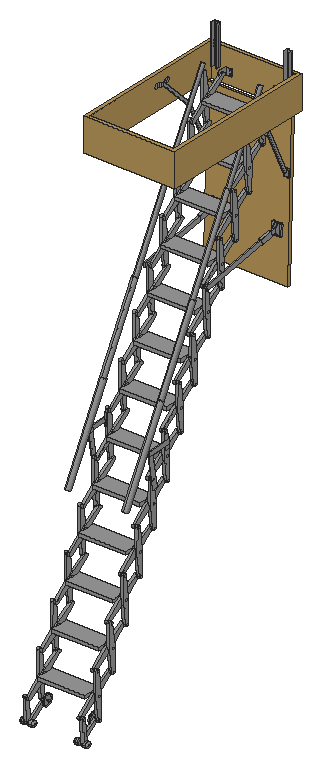
Revit family "schaartrap_Large-H 700x1200 mm", category Generic Models, Revit 2019
Family settings
  Can host rebar = No
  Round Connector Dimension = Use Diameter
  Part Type = Normal
  Work Plane-Based = Yes
  Always vertical = Yes
  Cut with Voids When Loaded = No
  Shared = Yes
  Room Calculation Point = No
Parameters
  schaartrap = gietaluminium
  deksel = hout
  bovenliggende treden = yes
  URL = "https://www.gortergroup.com/nl/producten/ladders-en-trappen/schaartrappen/large.html"
  Model = "Large-H 700x1200mm"  # constant formula
  Default Elevation = 1219.2 mm
Reference planes
  plane 1 "Center (Front/Back)": y = 0
  plane 2: z = 0
  plane 3 "Center (Left/Right)": x = 0
  plane 4: x = 183
  plane 5: x = -183
  plane 6: x = 203
  plane 7: x = 223
  plane 8: x = -203
  plane 9: x = -223
  plane 10: x = -176.5
  plane 11: x = 176.5
  plane 12: x = 342.5
  plane 13: x = -342.5
  plane 14: x = 176.5
  plane 15: x = 317.5
  plane 16: x = -317.5
  plane 17: x = 187
  plane 18 "traplijn": through (0, 1385.188, 3125.362) normal (0, -0.9072, 0.4206)
  plane 19 "bk. omtimmering": z = 3750
  plane 20: z = 3500
  plane 21: y = 1907.102
  plane 22: y = 717.102
Forms (mm)
  Extrusion 1, solid, material "gietaluminium" <- "schaartrap", not visible
    sketch origin (0, 729.606, 0) x (0, 1, 0) y (0, 0, 1)
      loop
        arc (537.788, 610.319) -> (523.153, 608.12) -> (523.948, 593.342) r 11.002
        line (523.948, 593.342) -> (663.021, 490.736)
        arc (663.021, 490.736) -> (683.041, 494.79) -> (680.583, 515.067) r 15.051
        line (680.583, 515.067) -> (537.788, 610.319)
      loop
        arc (541.3, 744.694) -> (608.05, 701.704) -> (677.245, 662.774) r 1330.136
        arc (677.245, 662.774) -> (691.355, 666.199) -> (689.776, 680.632) r 11
        arc (689.776, 680.632) -> (616.991, 742.583) -> (539.945, 799.147) r 1330.136
        arc (539.945, 799.147) -> (475.666, 840.227) -> (409.138, 877.555) r 1330.136
        arc (409.138, 877.555) -> (395.029, 874.129) -> (396.607, 859.696) r 11
        arc (396.607, 859.696) -> (466.954, 799.679) -> (541.3, 744.694) r 1330.136
      loop
        arc (412.689, 1012.014) -> (479.438, 969.024) -> (548.634, 930.093) r 1330.136
        arc (548.634, 930.093) -> (562.743, 933.518) -> (561.165, 947.952) r 11
        arc (561.165, 947.952) -> (488.38, 1009.902) -> (411.334, 1066.466) r 1330.136
        arc (411.334, 1066.466) -> (347.055, 1107.546) -> (280.527, 1144.874) r 1330.136
        arc (280.527, 1144.874) -> (266.418, 1141.449) -> (267.996, 1127.015) r 11
        arc (267.996, 1127.015) -> (338.343, 1066.998) -> (412.689, 1012.014) r 1330.136
      loop
        arc (284.078, 1279.333) -> (350.827, 1236.343) -> (420.023, 1197.412) r 1330.136
        arc (420.023, 1197.412) -> (434.132, 1200.838) -> (432.554, 1215.271) r 11
        arc (432.554, 1215.271) -> (359.769, 1277.222) -> (282.723, 1333.786) r 1330.136
        arc (282.723, 1333.786) -> (218.444, 1374.866) -> (151.916, 1412.193) r 1330.136
        arc (151.916, 1412.193) -> (137.807, 1408.768) -> (139.385, 1394.335) r 11
        arc (139.385, 1394.335) -> (209.732, 1334.317) -> (284.078, 1279.333) r 1330.136
      loop
        arc (155.467, 1546.652) -> (222.216, 1503.662) -> (291.412, 1464.732) r 1330.136
        arc (291.412, 1464.732) -> (305.521, 1468.157) -> (303.943, 1482.59) r 11
        arc (303.943, 1482.59) -> (231.158, 1544.541) -> (154.112, 1601.105) r 1330.136
        arc (154.112, 1601.105) -> (89.833, 1642.185) -> (23.305, 1679.512) r 1330.136
        arc (23.305, 1679.512) -> (9.196, 1676.087) -> (10.774, 1661.654) r 11
        arc (10.774, 1661.654) -> (81.12, 1601.637) -> (155.467, 1546.652) r 1330.136
      loop
        arc (26.856, 1813.971) -> (93.605, 1770.982) -> (162.801, 1732.051) r 1330.136
        arc (162.801, 1732.051) -> (176.91, 1735.476) -> (175.332, 1749.91) r 11
        arc (175.332, 1749.91) -> (102.547, 1811.86) -> (25.5, 1868.424) r 1330.136
        arc (25.5, 1868.424) -> (-38.778, 1909.504) -> (-105.306, 1946.832) r 1330.136
        arc (-105.306, 1946.832) -> (-119.416, 1943.407) -> (-117.837, 1928.973) r 11
        arc (-117.837, 1928.973) -> (-47.491, 1868.956) -> (26.856, 1813.971) r 1330.136
      loop
        arc (-101.755, 2081.291) -> (-35.006, 2038.301) -> (34.19, 1999.37) r 1330.136
        arc (34.19, 1999.37) -> (48.299, 2002.796) -> (46.721, 2017.229) r 11
        arc (46.721, 2017.229) -> (-26.064, 2079.18) -> (-103.111, 2135.744) r 1330.136
        arc (-103.111, 2135.744) -> (-167.389, 2176.824) -> (-233.917, 2214.151) r 1330.136
        arc (-233.917, 2214.151) -> (-248.027, 2210.726) -> (-246.448, 2196.292) r 11
        arc (-246.448, 2196.292) -> (-176.102, 2136.275) -> (-101.755, 2081.291) r 1330.136
      loop
        arc (-230.366, 2348.61) -> (-163.617, 2305.62) -> (-94.421, 2266.69) r 1330.136
        arc (-94.421, 2266.69) -> (-80.312, 2270.115) -> (-81.89, 2284.548) r 11
        arc (-81.89, 2284.548) -> (-154.676, 2346.499) -> (-231.722, 2403.063) r 1330.136
        arc (-231.722, 2403.063) -> (-296, 2444.143) -> (-362.528, 2481.47) r 1330.136
        arc (-362.528, 2481.47) -> (-376.638, 2478.045) -> (-375.059, 2463.612) r 11
        arc (-375.059, 2463.612) -> (-304.713, 2403.595) -> (-230.366, 2348.61) r 1330.136
      loop
        arc (-358.977, 2615.929) -> (-292.228, 2572.94) -> (-223.033, 2534.009) r 1330.136
        arc (-223.033, 2534.009) -> (-208.923, 2537.434) -> (-210.501, 2551.868) r 11
        arc (-210.501, 2551.868) -> (-283.287, 2613.818) -> (-360.333, 2670.382) r 1330.136
        arc (-360.333, 2670.382) -> (-424.611, 2711.462) -> (-491.139, 2748.79) r 1330.136
        arc (-491.139, 2748.79) -> (-505.249, 2745.364) -> (-503.67, 2730.931) r 11
        arc (-503.67, 2730.931) -> (-433.324, 2670.914) -> (-358.977, 2615.929) r 1330.136
      loop
        arc (-487.588, 2883.249) -> (-420.839, 2840.259) -> (-351.644, 2801.328) r 1330.136
        arc (-351.644, 2801.328) -> (-337.534, 2804.753) -> (-339.112, 2819.187) r 11
        arc (-339.112, 2819.187) -> (-411.898, 2881.138) -> (-488.944, 2937.702) r 1330.136
        arc (-488.944, 2937.702) -> (-553.222, 2978.782) -> (-619.75, 3016.109) r 1330.136
        arc (-619.75, 3016.109) -> (-633.86, 3012.684) -> (-632.281, 2998.25) r 11
        arc (-632.281, 2998.25) -> (-561.935, 2938.233) -> (-487.588, 2883.249) r 1330.136
      loop
        arc (-616.199, 3150.568) -> (-549.45, 3107.578) -> (-480.255, 3068.648) r 1330.136
        arc (-480.255, 3068.648) -> (-466.145, 3072.073) -> (-467.723, 3086.506) r 11
        arc (-467.723, 3086.506) -> (-540.509, 3148.457) -> (-617.555, 3205.021) r 1330.136
        arc (-617.555, 3205.021) -> (-681.833, 3246.101) -> (-748.361, 3283.428) r 1330.136
        arc (-748.361, 3283.428) -> (-762.471, 3280.003) -> (-760.893, 3265.57) r 11
        arc (-760.893, 3265.57) -> (-690.546, 3205.553) -> (-616.199, 3150.568) r 1330.136
      loop
        arc (-744.811, 3417.887) -> (-678.061, 3374.898) -> (-608.866, 3335.967) r 1330.136
        arc (-608.866, 3335.967) -> (-594.756, 3339.392) -> (-596.334, 3353.825) r 11
        arc (-596.334, 3353.825) -> (-669.12, 3415.776) -> (-746.166, 3472.34) r 1330.136
        arc (-746.166, 3472.34) -> (-810.444, 3513.42) -> (-876.972, 3550.748) r 1330.136
        arc (-876.972, 3550.748) -> (-891.082, 3547.322) -> (-889.504, 3532.889) r 11
        arc (-889.504, 3532.889) -> (-819.157, 3472.872) -> (-744.811, 3417.887) r 1330.136
      loop
        arc (-873.422, 3685.207) -> (-806.672, 3642.217) -> (-737.477, 3603.286) r 1330.136
        arc (-737.477, 3603.286) -> (-723.367, 3606.711) -> (-724.945, 3621.145) r 11
        arc (-724.945, 3621.145) -> (-797.731, 3683.096) -> (-874.777, 3739.66) r 1330.136
        arc (-874.777, 3739.66) -> (-939.056, 3780.739) -> (-1005.583, 3818.067) r 1330.136
        arc (-1005.583, 3818.067) -> (-1019.693, 3814.642) -> (-1018.115, 3800.208) r 11
        arc (-1018.115, 3800.208) -> (-947.768, 3740.191) -> (-873.422, 3685.207) r 1330.136
      loop
        arc (-1002.033, 3952.526) -> (-935.283, 3909.536) -> (-866.088, 3870.605) r 1330.136
        arc (-866.088, 3870.605) -> (-851.978, 3874.031) -> (-853.557, 3888.464) r 11
        arc (-853.557, 3888.464) -> (-926.342, 3950.415) -> (-1003.388, 4006.979) r 1330.136
        arc (-1003.388, 4006.979) -> (-1067.667, 4048.059) -> (-1134.194, 4085.386) r 1330.136
        arc (-1134.194, 4085.386) -> (-1148.304, 4081.961) -> (-1146.726, 4067.528) r 11
        arc (-1146.726, 4067.528) -> (-1076.379, 4007.511) -> (-1002.033, 3952.526) r 1330.136
    from 366 to 386
  Extrusion 2, solid, material "gietaluminium" <- "schaartrap", not visible
    sketch origin (0, 729.606, 0) x (0, 1, 0) y (0, 0, 1)
      loop
        line (686.793, 502.301) -> (693.329, 671.835)
        arc (693.329, 671.835) -> (683.291, 683.477) -> (671.416, 673.716) r 11
        line (671.416, 673.716) -> (657.161, 507.665)
        arc (657.161, 507.665) -> (668.84, 487.975) -> (686.694, 502.305) r 15.158
      loop
        arc (564.714, 940.575) -> (554.422, 950.815) -> (542.94, 941.928) r 11
        arc (542.94, 941.928) -> (521.234, 771.529) -> (521.669, 599.754) r 1330.136
        arc (521.669, 599.754) -> (531.962, 589.513) -> (543.443, 598.4) r 11
        arc (543.443, 598.4) -> (565.149, 768.799) -> (564.714, 940.575) r 1330.136
      loop
        arc (436.103, 1207.844) -> (425.811, 1218.085) -> (414.329, 1209.198) r 11
        arc (414.329, 1209.198) -> (392.623, 1038.798) -> (393.058, 867.023) r 1330.136
        arc (393.058, 867.023) -> (403.351, 856.782) -> (414.832, 865.669) r 11
        arc (414.832, 865.669) -> (436.538, 1036.069) -> (436.103, 1207.844) r 1330.136
      loop
        arc (307.492, 1475.113) -> (297.199, 1485.354) -> (285.718, 1476.467) r 11
        arc (285.718, 1476.467) -> (264.012, 1306.068) -> (264.447, 1134.292) r 1330.136
        arc (264.447, 1134.292) -> (274.74, 1124.051) -> (286.221, 1132.939) r 11
        arc (286.221, 1132.939) -> (307.927, 1303.338) -> (307.492, 1475.113) r 1330.136
      loop
        arc (178.881, 1742.383) -> (168.588, 1752.623) -> (157.107, 1743.736) r 11
        arc (157.107, 1743.736) -> (135.401, 1573.337) -> (135.836, 1401.562) r 1330.136
        arc (135.836, 1401.562) -> (146.128, 1391.321) -> (157.61, 1400.208) r 11
        arc (157.61, 1400.208) -> (179.316, 1570.607) -> (178.881, 1742.383) r 1330.136
      loop
        arc (50.27, 2009.652) -> (39.977, 2019.893) -> (28.496, 2011.006) r 11
        arc (28.496, 2011.006) -> (6.79, 1840.606) -> (7.225, 1668.831) r 1330.136
        arc (7.225, 1668.831) -> (17.517, 1658.59) -> (28.999, 1667.477) r 11
        arc (28.999, 1667.477) -> (50.705, 1837.876) -> (50.27, 2009.652) r 1330.136
      loop
        arc (-78.341, 2276.921) -> (-88.634, 2287.162) -> (-100.116, 2278.275) r 11
        arc (-100.116, 2278.275) -> (-121.821, 2107.876) -> (-121.386, 1936.1) r 1330.136
        arc (-121.386, 1936.1) -> (-111.094, 1925.859) -> (-99.612, 1934.747) r 11
        arc (-99.612, 1934.747) -> (-77.906, 2105.146) -> (-78.341, 2276.921) r 1330.136
      loop
        arc (-206.952, 2544.191) -> (-217.245, 2554.431) -> (-228.727, 2545.544) r 11
        arc (-228.727, 2545.544) -> (-250.432, 2375.145) -> (-249.997, 2203.369) r 1330.136
        arc (-249.997, 2203.369) -> (-239.705, 2193.129) -> (-228.223, 2202.016) r 11
        arc (-228.223, 2202.016) -> (-206.517, 2372.415) -> (-206.952, 2544.191) r 1330.136
      loop
        arc (-335.563, 2811.46) -> (-345.856, 2821.701) -> (-357.338, 2812.813) r 11
        arc (-357.338, 2812.813) -> (-379.043, 2642.414) -> (-378.609, 2470.639) r 1330.136
        arc (-378.609, 2470.639) -> (-368.316, 2460.398) -> (-356.834, 2469.285) r 11
        arc (-356.834, 2469.285) -> (-335.128, 2639.684) -> (-335.563, 2811.46) r 1330.136
      loop
        arc (-464.174, 3078.729) -> (-474.467, 3088.97) -> (-485.949, 3080.083) r 11
        arc (-485.949, 3080.083) -> (-507.655, 2909.684) -> (-507.22, 2737.908) r 1330.136
        arc (-507.22, 2737.908) -> (-496.927, 2727.667) -> (-485.445, 2736.554) r 11
        arc (-485.445, 2736.554) -> (-463.739, 2906.954) -> (-464.174, 3078.729) r 1330.136
      loop
        arc (-592.785, 3345.998) -> (-603.078, 3356.239) -> (-614.56, 3347.352) r 11
        arc (-614.56, 3347.352) -> (-636.266, 3176.953) -> (-635.831, 3005.177) r 1330.136
        arc (-635.831, 3005.177) -> (-625.538, 2994.937) -> (-614.056, 3003.824) r 11
        arc (-614.056, 3003.824) -> (-592.35, 3174.223) -> (-592.785, 3345.998) r 1330.136
      loop
        arc (-721.396, 3613.268) -> (-731.689, 3623.509) -> (-743.171, 3614.621) r 11
        arc (-743.171, 3614.621) -> (-764.877, 3444.222) -> (-764.442, 3272.447) r 1330.136
        arc (-764.442, 3272.447) -> (-754.149, 3262.206) -> (-742.667, 3271.093) r 11
        arc (-742.667, 3271.093) -> (-720.961, 3441.492) -> (-721.396, 3613.268) r 1330.136
      loop
        arc (-850.007, 3880.537) -> (-860.3, 3890.778) -> (-871.782, 3881.891) r 11
        arc (-871.782, 3881.891) -> (-893.488, 3711.492) -> (-893.053, 3539.716) r 1330.136
        arc (-893.053, 3539.716) -> (-882.76, 3529.475) -> (-871.278, 3538.362) r 11
        arc (-871.278, 3538.362) -> (-849.572, 3708.762) -> (-850.007, 3880.537) r 1330.136
      loop
        arc (-978.618, 4147.806) -> (-988.911, 4158.047) -> (-1000.393, 4149.16) r 11
        arc (-1000.393, 4149.16) -> (-1022.099, 3978.761) -> (-1021.664, 3806.985) r 1330.136
        arc (-1021.664, 3806.985) -> (-1011.371, 3796.745) -> (-999.889, 3805.632) r 11
        arc (-999.889, 3805.632) -> (-978.184, 3976.031) -> (-978.618, 4147.806) r 1330.136
    from 386 to 406
  Extrusion 3, solid, material "gietaluminium" <- "schaartrap", not visible
    sketch origin (0, 729.606, 0) x (0, 1, 0) y (0, 0, 1)
      loop
        circle (682.35, 672.517) r 5.05
      loop
        circle (532.644, 600.492) r 5
      loop
        circle (543.192, 770.164) r 5.05
      loop
        circle (553.739, 939.837) r 5.05
      loop
        circle (404.033, 867.811) r 5.05
      loop
        circle (414.581, 1037.483) r 5.05
      loop
        circle (275.422, 1135.13) r 5.05
      loop
        circle (425.128, 1207.156) r 5.05
      loop
        circle (285.969, 1304.803) r 5.05
      loop
        circle (146.811, 1402.45) r 5.05
      loop
        circle (296.517, 1474.475) r 5.05
      loop
        circle (157.358, 1572.122) r 5.05
      loop
        circle (167.906, 1741.795) r 5.05
      loop
        circle (18.2, 1669.769) r 5.05
      loop
        circle (28.747, 1839.441) r 5.05
      loop
        circle (-110.411, 1937.088) r 5.05
      loop
        circle (-99.864, 2106.761) r 5.05
      loop
        circle (-239.022, 2204.408) r 5.05
      loop
        circle (39.295, 2009.114) r 5.05
      loop
        circle (-89.316, 2276.433) r 5.05
      loop
        circle (-228.475, 2374.08) r 5.05
      loop
        circle (-367.633, 2471.727) r 5.05
      loop
        circle (-217.927, 2543.752) r 5.05
      loop
        circle (-357.086, 2641.399) r 5.05
      loop
        circle (-496.244, 2739.046) r 5.05
      loop
        circle (-346.538, 2811.072) r 5.05
      loop
        circle (-485.697, 2908.719) r 5.05
      loop
        circle (-624.855, 3006.365) r 5.05
      loop
        circle (-475.149, 3078.391) r 5.25
      loop
        circle (-614.308, 3176.038) r 5.05
      loop
        circle (-753.466, 3273.685) r 5.05
      loop
        circle (-603.76, 3345.71) r 5.05
      loop
        circle (-742.919, 3443.357) r 5.05
      loop
        circle (-882.078, 3541.004) r 5.05
      loop
        circle (-732.372, 3613.03) r 5.05
      loop
        circle (-871.53, 3710.677) r 5.05
      loop
        circle (-860.983, 3880.349) r 5.05
      loop
        circle (-1000.141, 3977.996) r 5.05
      loop
        circle (-1010.689, 3808.323) r 5.05
    from 406 to 411
  Extrusion 4, solid, material "gietaluminium" <- "schaartrap"
    sketch origin (0, 1421.409, -482.845) x (0, -1, 0) y (0, 0, -1)
      loop
        line (1204.291, -787.141) -> (1341.315, -787.141) -> (1341.315, -763.096) -> (1204.291, -763.096) -> (1204.291, -787.141)
      loop
        line (1075.68, -1054.461) -> (1212.704, -1054.461) -> (1212.704, -1030.415) -> (1075.68, -1030.415) -> (1075.68, -1054.461)
      loop
        line (947.069, -1321.78) -> (1084.093, -1321.78) -> (1084.093, -1297.734) -> (947.069, -1297.734) -> (947.069, -1321.78)
      loop
        line (818.458, -1589.099) -> (955.482, -1589.099) -> (955.482, -1565.054) -> (818.458, -1565.054) -> (818.458, -1589.099)
      loop
        line (689.847, -1856.418) -> (826.871, -1856.418) -> (826.871, -1832.373) -> (689.847, -1832.373) -> (689.847, -1856.418)
      loop
        line (561.236, -2123.738) -> (698.26, -2123.738) -> (698.26, -2099.692) -> (561.236, -2099.692) -> (561.236, -2123.738)
      loop
        line (432.625, -2391.057) -> (569.649, -2391.057) -> (569.649, -2367.012) -> (432.625, -2367.012) -> (432.625, -2391.057)
      loop
        line (304.014, -2658.376) -> (441.037, -2658.376) -> (441.037, -2634.331) -> (304.014, -2634.331) -> (304.014, -2658.376)
      loop
        line (175.403, -2925.696) -> (312.426, -2925.696) -> (312.426, -2901.65) -> (175.403, -2901.65) -> (175.403, -2925.696)
      loop
        line (46.791, -3193.015) -> (183.815, -3193.015) -> (183.815, -3168.97) -> (46.791, -3168.97) -> (46.791, -3193.015)
      loop
        line (-81.82, -3460.334) -> (55.204, -3460.334) -> (55.204, -3436.289) -> (-81.82, -3436.289) -> (-81.82, -3460.334)
      loop
        line (-210.431, -3727.654) -> (-73.407, -3727.654) -> (-73.407, -3703.608) -> (-210.431, -3703.608) -> (-210.431, -3727.654)
      loop
        line (-339.042, -3994.973) -> (-202.018, -3994.973) -> (-202.018, -3970.928) -> (-339.042, -3970.928) -> (-339.042, -3994.973)
    from -176.5 to 176.5
  Extrusion 5, solid, material "gietaluminium" <- "schaartrap", not visible
    sketch origin (-7, 2508.736, 453.455) x (0, 1, 0) y (0, 0, 1)
      loop
        arc (-1222.318, 115.163) -> (-1208.153, 158.467) -> (-1243.721, 186.941) r 40
        arc (-1243.721, 186.941) -> (-1284.817, 135.606) -> (-1222.318, 115.163) r 40
      loop
        arc (-1225.166, 116.796) -> (-1211.067, 157.739) -> (-1245.48, 184.023) r 37
        arc (-1245.48, 184.023) -> (-1281.903, 136.334) -> (-1225.166, 116.796) r 37
    from 359 to 370
  Extrusion 6, solid, material "gietaluminium" <- "schaartrap", not visible
    sketch origin (183, 2508.736, 453.455) x (0, 1, 0) y (0, 0, 1)
      loop
        arc (-1245.48, 184.023) -> (-1281.903, 136.334) -> (-1225.166, 116.796) r 37
        arc (-1225.166, 116.796) -> (-1211.067, 157.739) -> (-1245.48, 184.023) r 37
    from 173 to 176.5
  Extrusion 7, solid, material "gietaluminium" <- "schaartrap", not visible
    sketch origin (701, 2508.736, 453.455) x (0, 1, 0) y (0, 0, -1)
      loop
        circle (-1246.485, -147.037) r 5
    from 359 to 335
  Extrusion 8, solid, material "gietaluminium" <- "schaartrap"
    sketch origin (183, 691.803, -482.845) x (0, -1, 0) y (0, 0, 1)
      loop
        arc (537.788, 610.319) -> (523.153, 608.12) -> (523.948, 593.342) r 11.002
        line (523.948, 593.342) -> (663.021, 490.736)
        arc (663.021, 490.736) -> (683.041, 494.79) -> (680.583, 515.067) r 15.051
        line (680.583, 515.067) -> (537.788, 610.319)
      loop
        arc (541.3, 744.694) -> (608.05, 701.704) -> (677.245, 662.774) r 1330.136
        arc (677.245, 662.774) -> (691.355, 666.199) -> (689.776, 680.632) r 11
        arc (689.776, 680.632) -> (616.991, 742.583) -> (539.945, 799.147) r 1330.136
        arc (539.945, 799.147) -> (475.666, 840.227) -> (409.138, 877.555) r 1330.136
        arc (409.138, 877.555) -> (395.029, 874.129) -> (396.607, 859.696) r 11
        arc (396.607, 859.696) -> (466.954, 799.679) -> (541.3, 744.694) r 1330.136
      loop
        arc (412.689, 1012.014) -> (479.438, 969.024) -> (548.634, 930.093) r 1330.136
        arc (548.634, 930.093) -> (562.743, 933.518) -> (561.165, 947.952) r 11
        arc (561.165, 947.952) -> (488.38, 1009.902) -> (411.334, 1066.466) r 1330.136
        arc (411.334, 1066.466) -> (347.055, 1107.546) -> (280.527, 1144.874) r 1330.136
        arc (280.527, 1144.874) -> (266.418, 1141.449) -> (267.996, 1127.015) r 11
        arc (267.996, 1127.015) -> (338.343, 1066.998) -> (412.689, 1012.014) r 1330.136
      loop
        arc (284.078, 1279.333) -> (350.827, 1236.343) -> (420.023, 1197.412) r 1330.136
        arc (420.023, 1197.412) -> (434.132, 1200.838) -> (432.554, 1215.271) r 11
        arc (432.554, 1215.271) -> (359.769, 1277.222) -> (282.723, 1333.786) r 1330.136
        arc (282.723, 1333.786) -> (218.444, 1374.866) -> (151.916, 1412.193) r 1330.136
        arc (151.916, 1412.193) -> (137.807, 1408.768) -> (139.385, 1394.335) r 11
        arc (139.385, 1394.335) -> (209.732, 1334.317) -> (284.078, 1279.333) r 1330.136
      loop
        arc (155.467, 1546.652) -> (222.216, 1503.662) -> (291.412, 1464.732) r 1330.136
        arc (291.412, 1464.732) -> (305.521, 1468.157) -> (303.943, 1482.59) r 11
        arc (303.943, 1482.59) -> (231.158, 1544.541) -> (154.112, 1601.105) r 1330.136
        arc (154.112, 1601.105) -> (89.833, 1642.185) -> (23.305, 1679.512) r 1330.136
        arc (23.305, 1679.512) -> (9.196, 1676.087) -> (10.774, 1661.654) r 11
        arc (10.774, 1661.654) -> (81.12, 1601.637) -> (155.467, 1546.652) r 1330.136
      loop
        arc (26.856, 1813.971) -> (93.605, 1770.982) -> (162.801, 1732.051) r 1330.136
        arc (162.801, 1732.051) -> (176.91, 1735.476) -> (175.332, 1749.91) r 11
        arc (175.332, 1749.91) -> (102.547, 1811.86) -> (25.5, 1868.424) r 1330.136
        arc (25.5, 1868.424) -> (-38.778, 1909.504) -> (-105.306, 1946.832) r 1330.136
        arc (-105.306, 1946.832) -> (-119.416, 1943.407) -> (-117.837, 1928.973) r 11
        arc (-117.837, 1928.973) -> (-47.491, 1868.956) -> (26.856, 1813.971) r 1330.136
      loop
        arc (-101.755, 2081.291) -> (-35.006, 2038.301) -> (34.19, 1999.37) r 1330.136
        arc (34.19, 1999.37) -> (48.299, 2002.796) -> (46.721, 2017.229) r 11
        arc (46.721, 2017.229) -> (-26.064, 2079.18) -> (-103.111, 2135.744) r 1330.136
        arc (-103.111, 2135.744) -> (-167.389, 2176.824) -> (-233.917, 2214.151) r 1330.136
        arc (-233.917, 2214.151) -> (-248.027, 2210.726) -> (-246.448, 2196.292) r 11
        arc (-246.448, 2196.292) -> (-176.102, 2136.275) -> (-101.755, 2081.291) r 1330.136
      loop
        arc (-230.366, 2348.61) -> (-163.617, 2305.62) -> (-94.421, 2266.69) r 1330.136
        arc (-94.421, 2266.69) -> (-80.312, 2270.115) -> (-81.89, 2284.548) r 11
        arc (-81.89, 2284.548) -> (-154.676, 2346.499) -> (-231.722, 2403.063) r 1330.136
        arc (-231.722, 2403.063) -> (-296, 2444.143) -> (-362.528, 2481.47) r 1330.136
        arc (-362.528, 2481.47) -> (-376.638, 2478.045) -> (-375.059, 2463.612) r 11
        arc (-375.059, 2463.612) -> (-304.713, 2403.595) -> (-230.366, 2348.61) r 1330.136
      loop
        arc (-358.977, 2615.929) -> (-292.228, 2572.94) -> (-223.033, 2534.009) r 1330.136
        arc (-223.033, 2534.009) -> (-208.923, 2537.434) -> (-210.501, 2551.868) r 11
        arc (-210.501, 2551.868) -> (-283.287, 2613.818) -> (-360.333, 2670.382) r 1330.136
        arc (-360.333, 2670.382) -> (-424.611, 2711.462) -> (-491.139, 2748.79) r 1330.136
        arc (-491.139, 2748.79) -> (-505.249, 2745.364) -> (-503.67, 2730.931) r 11
        arc (-503.67, 2730.931) -> (-433.324, 2670.914) -> (-358.977, 2615.929) r 1330.136
      loop
        arc (-487.588, 2883.249) -> (-420.839, 2840.259) -> (-351.644, 2801.328) r 1330.136
        arc (-351.644, 2801.328) -> (-337.534, 2804.753) -> (-339.112, 2819.187) r 11
        arc (-339.112, 2819.187) -> (-411.898, 2881.138) -> (-488.944, 2937.702) r 1330.136
        arc (-488.944, 2937.702) -> (-553.222, 2978.782) -> (-619.75, 3016.109) r 1330.136
        arc (-619.75, 3016.109) -> (-633.86, 3012.684) -> (-632.281, 2998.25) r 11
        arc (-632.281, 2998.25) -> (-561.935, 2938.233) -> (-487.588, 2883.249) r 1330.136
      loop
        arc (-616.199, 3150.568) -> (-549.45, 3107.578) -> (-480.255, 3068.648) r 1330.136
        arc (-480.255, 3068.648) -> (-466.145, 3072.073) -> (-467.723, 3086.506) r 11
        arc (-467.723, 3086.506) -> (-540.509, 3148.457) -> (-617.555, 3205.021) r 1330.136
        arc (-617.555, 3205.021) -> (-681.833, 3246.101) -> (-748.361, 3283.428) r 1330.136
        arc (-748.361, 3283.428) -> (-762.471, 3280.003) -> (-760.893, 3265.57) r 11
        arc (-760.893, 3265.57) -> (-690.546, 3205.553) -> (-616.199, 3150.568) r 1330.136
      loop
        arc (-744.811, 3417.887) -> (-678.061, 3374.898) -> (-608.866, 3335.967) r 1330.136
        arc (-608.866, 3335.967) -> (-594.756, 3339.392) -> (-596.334, 3353.825) r 11
        arc (-596.334, 3353.825) -> (-669.12, 3415.776) -> (-746.166, 3472.34) r 1330.136
        arc (-746.166, 3472.34) -> (-810.444, 3513.42) -> (-876.972, 3550.748) r 1330.136
        arc (-876.972, 3550.748) -> (-891.082, 3547.322) -> (-889.504, 3532.889) r 11
        arc (-889.504, 3532.889) -> (-819.157, 3472.872) -> (-744.811, 3417.887) r 1330.136
      loop
        arc (-873.422, 3685.207) -> (-806.672, 3642.217) -> (-737.477, 3603.286) r 1330.136
        arc (-737.477, 3603.286) -> (-723.367, 3606.711) -> (-724.945, 3621.145) r 11
        arc (-724.945, 3621.145) -> (-797.731, 3683.096) -> (-874.777, 3739.66) r 1330.136
        arc (-874.777, 3739.66) -> (-939.056, 3780.739) -> (-1005.583, 3818.067) r 1330.136
        arc (-1005.583, 3818.067) -> (-1019.693, 3814.642) -> (-1018.115, 3800.208) r 11
        arc (-1018.115, 3800.208) -> (-947.768, 3740.191) -> (-873.422, 3685.207) r 1330.136
      loop
        arc (-1002.033, 3952.526) -> (-935.283, 3909.536) -> (-866.088, 3870.605) r 1330.136
        arc (-866.088, 3870.605) -> (-851.978, 3874.031) -> (-853.557, 3888.464) r 11
        arc (-853.557, 3888.464) -> (-926.342, 3950.415) -> (-1003.388, 4006.979) r 1330.136
        arc (-1003.388, 4006.979) -> (-1067.667, 4048.059) -> (-1134.194, 4085.386) r 1330.136
        arc (-1134.194, 4085.386) -> (-1148.304, 4081.961) -> (-1146.726, 4067.528) r 11
        arc (-1146.726, 4067.528) -> (-1076.379, 4007.511) -> (-1002.033, 3952.526) r 1330.136
    from 366 to 386
  Extrusion 9, solid, material "gietaluminium" <- "schaartrap"
    sketch origin (183, 691.803, -482.845) x (0, -1, 0) y (0, 0, 1)
      loop
        line (686.793, 502.301) -> (693.329, 671.835)
        arc (693.329, 671.835) -> (683.291, 683.477) -> (671.416, 673.716) r 11
        line (671.416, 673.716) -> (657.161, 507.665)
        arc (657.161, 507.665) -> (668.84, 487.975) -> (686.694, 502.305) r 15.158
      loop
        arc (564.714, 940.575) -> (554.422, 950.815) -> (542.94, 941.928) r 11
        arc (542.94, 941.928) -> (521.234, 771.529) -> (521.669, 599.754) r 1330.136
        arc (521.669, 599.754) -> (531.962, 589.513) -> (543.443, 598.4) r 11
        arc (543.443, 598.4) -> (565.149, 768.799) -> (564.714, 940.575) r 1330.136
      loop
        arc (436.103, 1207.844) -> (425.811, 1218.085) -> (414.329, 1209.198) r 11
        arc (414.329, 1209.198) -> (392.623, 1038.798) -> (393.058, 867.023) r 1330.136
        arc (393.058, 867.023) -> (403.351, 856.782) -> (414.832, 865.669) r 11
        arc (414.832, 865.669) -> (436.538, 1036.069) -> (436.103, 1207.844) r 1330.136
      loop
        arc (307.492, 1475.113) -> (297.199, 1485.354) -> (285.718, 1476.467) r 11
        arc (285.718, 1476.467) -> (264.012, 1306.068) -> (264.447, 1134.292) r 1330.136
        arc (264.447, 1134.292) -> (274.74, 1124.051) -> (286.221, 1132.939) r 11
        arc (286.221, 1132.939) -> (307.927, 1303.338) -> (307.492, 1475.113) r 1330.136
      loop
        arc (178.881, 1742.383) -> (168.588, 1752.623) -> (157.107, 1743.736) r 11
        arc (157.107, 1743.736) -> (135.401, 1573.337) -> (135.836, 1401.562) r 1330.136
        arc (135.836, 1401.562) -> (146.128, 1391.321) -> (157.61, 1400.208) r 11
        arc (157.61, 1400.208) -> (179.316, 1570.607) -> (178.881, 1742.383) r 1330.136
      loop
        arc (50.27, 2009.652) -> (39.977, 2019.893) -> (28.496, 2011.006) r 11
        arc (28.496, 2011.006) -> (6.79, 1840.606) -> (7.225, 1668.831) r 1330.136
        arc (7.225, 1668.831) -> (17.517, 1658.59) -> (28.999, 1667.477) r 11
        arc (28.999, 1667.477) -> (50.705, 1837.876) -> (50.27, 2009.652) r 1330.136
      loop
        arc (-78.341, 2276.921) -> (-88.634, 2287.162) -> (-100.116, 2278.275) r 11
        arc (-100.116, 2278.275) -> (-121.821, 2107.876) -> (-121.386, 1936.1) r 1330.136
        arc (-121.386, 1936.1) -> (-111.094, 1925.859) -> (-99.612, 1934.747) r 11
        arc (-99.612, 1934.747) -> (-77.906, 2105.146) -> (-78.341, 2276.921) r 1330.136
      loop
        arc (-206.952, 2544.191) -> (-217.245, 2554.431) -> (-228.727, 2545.544) r 11
        arc (-228.727, 2545.544) -> (-250.432, 2375.145) -> (-249.997, 2203.369) r 1330.136
        arc (-249.997, 2203.369) -> (-239.705, 2193.129) -> (-228.223, 2202.016) r 11
        arc (-228.223, 2202.016) -> (-206.517, 2372.415) -> (-206.952, 2544.191) r 1330.136
      loop
        arc (-335.563, 2811.46) -> (-345.856, 2821.701) -> (-357.338, 2812.813) r 11
        arc (-357.338, 2812.813) -> (-379.043, 2642.414) -> (-378.609, 2470.639) r 1330.136
        arc (-378.609, 2470.639) -> (-368.316, 2460.398) -> (-356.834, 2469.285) r 11
        arc (-356.834, 2469.285) -> (-335.128, 2639.684) -> (-335.563, 2811.46) r 1330.136
      loop
        arc (-464.174, 3078.729) -> (-474.467, 3088.97) -> (-485.949, 3080.083) r 11
        arc (-485.949, 3080.083) -> (-507.655, 2909.684) -> (-507.22, 2737.908) r 1330.136
        arc (-507.22, 2737.908) -> (-496.927, 2727.667) -> (-485.445, 2736.554) r 11
        arc (-485.445, 2736.554) -> (-463.739, 2906.954) -> (-464.174, 3078.729) r 1330.136
      loop
        arc (-592.785, 3345.998) -> (-603.078, 3356.239) -> (-614.56, 3347.352) r 11
        arc (-614.56, 3347.352) -> (-636.266, 3176.953) -> (-635.831, 3005.177) r 1330.136
        arc (-635.831, 3005.177) -> (-625.538, 2994.937) -> (-614.056, 3003.824) r 11
        arc (-614.056, 3003.824) -> (-592.35, 3174.223) -> (-592.785, 3345.998) r 1330.136
      loop
        arc (-721.396, 3613.268) -> (-731.689, 3623.509) -> (-743.171, 3614.621) r 11
        arc (-743.171, 3614.621) -> (-764.877, 3444.222) -> (-764.442, 3272.447) r 1330.136
        arc (-764.442, 3272.447) -> (-754.149, 3262.206) -> (-742.667, 3271.093) r 11
        arc (-742.667, 3271.093) -> (-720.961, 3441.492) -> (-721.396, 3613.268) r 1330.136
      loop
        arc (-850.007, 3880.537) -> (-860.3, 3890.778) -> (-871.782, 3881.891) r 11
        arc (-871.782, 3881.891) -> (-893.488, 3711.492) -> (-893.053, 3539.716) r 1330.136
        arc (-893.053, 3539.716) -> (-882.76, 3529.475) -> (-871.278, 3538.362) r 11
        arc (-871.278, 3538.362) -> (-849.572, 3708.762) -> (-850.007, 3880.537) r 1330.136
      loop
        arc (-978.618, 4147.806) -> (-988.911, 4158.047) -> (-1000.393, 4149.16) r 11
        arc (-1000.393, 4149.16) -> (-1022.099, 3978.761) -> (-1021.664, 3806.985) r 1330.136
        arc (-1021.664, 3806.985) -> (-1011.371, 3796.745) -> (-999.889, 3805.632) r 11
        arc (-999.889, 3805.632) -> (-978.184, 3976.031) -> (-978.618, 4147.806) r 1330.136
    from 386 to 406
  Extrusion 10, solid, material "gietaluminium" <- "schaartrap"
    sketch origin (183, 691.803, -482.845) x (0, -1, 0) y (0, 0, 1)
      loop
        circle (682.35, 672.517) r 5.05
      loop
        circle (532.644, 600.492) r 5
      loop
        circle (543.192, 770.164) r 5.05
      loop
        circle (553.739, 939.837) r 5.05
      loop
        circle (404.033, 867.811) r 5.05
      loop
        circle (414.581, 1037.483) r 5.05
      loop
        circle (275.422, 1135.13) r 5.05
      loop
        circle (425.128, 1207.156) r 5.05
      loop
        circle (285.969, 1304.803) r 5.05
      loop
        circle (146.811, 1402.45) r 5.05
      loop
        circle (296.517, 1474.475) r 5.05
      loop
        circle (157.358, 1572.122) r 5.05
      loop
        circle (167.906, 1741.795) r 5.05
      loop
        circle (18.2, 1669.769) r 5.05
      loop
        circle (28.747, 1839.441) r 5.05
      loop
        circle (-110.411, 1937.088) r 5.05
      loop
        circle (-99.864, 2106.761) r 5.05
      loop
        circle (-239.022, 2204.408) r 5.05
      loop
        circle (39.295, 2009.114) r 5.05
      loop
        circle (-89.316, 2276.433) r 5.05
      loop
        circle (-228.475, 2374.08) r 5.05
      loop
        circle (-367.633, 2471.727) r 5.05
      loop
        circle (-217.927, 2543.752) r 5.05
      loop
        circle (-357.086, 2641.399) r 5.05
      loop
        circle (-496.244, 2739.046) r 5.05
      loop
        circle (-346.538, 2811.072) r 5.05
      loop
        circle (-485.697, 2908.719) r 5.05
      loop
        circle (-624.855, 3006.365) r 5.05
      loop
        circle (-475.149, 3078.391) r 5.25
      loop
        circle (-614.308, 3176.038) r 5.05
      loop
        circle (-753.466, 3273.685) r 5.05
      loop
        circle (-603.76, 3345.71) r 5.05
      loop
        circle (-742.919, 3443.357) r 5.05
      loop
        circle (-882.078, 3541.004) r 5.05
      loop
        circle (-732.372, 3613.03) r 5.05
      loop
        circle (-871.53, 3710.677) r 5.05
      loop
        circle (-860.983, 3880.349) r 5.05
      loop
        circle (-1000.141, 3977.996) r 5.05
      loop
        circle (-1010.689, 3808.323) r 5.05
    from 406 to 411
  Extrusion 11, solid, material "gietaluminium" <- "schaartrap"
    sketch origin (190, -1087.327, -29.39) x (0, -1, 0) y (0, 0, 1)
      loop
        arc (-1222.318, 115.163) -> (-1208.153, 158.467) -> (-1243.721, 186.941) r 40
        arc (-1243.721, 186.941) -> (-1284.817, 135.606) -> (-1222.318, 115.163) r 40
      loop
        arc (-1225.166, 116.796) -> (-1211.067, 157.739) -> (-1245.48, 184.023) r 37
        arc (-1245.48, 184.023) -> (-1281.903, 136.334) -> (-1225.166, 116.796) r 37
    from 359 to 370
  Extrusion 12, solid, material "gietaluminium" <- "schaartrap"
    sketch origin (0, -1087.327, -29.39) x (0, -1, 0) y (0, 0, 1)
      loop
        arc (-1245.48, 184.023) -> (-1281.903, 136.334) -> (-1225.166, 116.796) r 37
        arc (-1225.166, 116.796) -> (-1211.067, 157.739) -> (-1245.48, 184.023) r 37
    from 173 to 176.5
  Extrusion 13, solid, material "gietaluminium" <- "schaartrap"
    sketch origin (-518, -1087.327, -29.39) x (0, -1, 0) y (0, 0, -1)
      loop
        circle (-1246.485, -147.037) r 5
    from 359 to 335
  Sweep 14, solid, material "gietaluminium" <- "schaartrap"
    path origin (216.86, 105.751, 58.284) x (0, 0.992825, -0.119574) y (0, 0.119574, 0.992825)
      loop
        line (138.969, 1377.523) -> (396.642, 2020.838)
    profile origin (216.86, 574.813, 1713.251) x (0, -0.877184, 0.480155) y (1, 0, 0)
      loop
        circle (0, 0) r 20
  Sweep 15, solid, material "gietaluminium" <- "schaartrap"
    path origin (216.86, 389.522, 576.7) x (0, 0.992825, -0.119574) y (0, 0.119574, 0.992825)
      loop
        line (176.895, 1472.21) -> (409.137, 2052.033)
    profile origin (216.86, 891.14, 2291.141) x (0, -0.877184, 0.480155) y (1, 0, 0)
      loop
        circle (0, 0) r 17.5
  Sweep 16, solid, material "gietaluminium" <- "schaartrap"
    path origin (216.86, 632.065, 1019.795) x (0, 0.992825, -0.119574) y (0, 0.119574, 0.992825)
      loop
        line (221.317, 1583.115) -> (476.186, 2219.43)
    profile origin (216.86, 1205.656, 2865.725) x (0, -0.877184, 0.480155) y (1, 0, 0)
      loop
        circle (0, 0) r 15
  Sweep 17, solid, material "gietaluminium" <- "schaartrap"
    path origin (216.86, 873.617, 1461.082) x (0, 0.992825, -0.119574) y (0, 0.119574, 0.992825)
      loop
        line (289.132, 1752.426) -> (527.098, 2346.54)
    profile origin (216.86, 1523.869, 3447.061) x (0, -0.877184, 0.480155) y (1, 0, 0)
      loop
        circle (0, 0) r 12.5
  Sweep 18, solid, material "gietaluminium" <- "schaartrap", not visible
    path origin (216.86, 121.798, 547.418) x (0, 0.997796, -0.066361) y (0, 0.066361, 0.997796)
      loop
        line (138.969, 1377.523) -> (396.642, 2020.838)
    profile origin (216.86, 501.772, 2225.081) x (0, -0.901584, 0.432605) y (1, 0, 0)
      loop
        circle (0, 0) r 20
  Sweep 19, solid, material "gietaluminium" <- "schaartrap", not visible
    path origin (216.86, 377.467, 1080.254) x (0, 0.997796, -0.066361) y (0, 0.066361, 0.997796)
      loop
        line (176.895, 1472.21) -> (409.137, 2052.033)
    profile origin (216.86, 786.773, 2819.046) x (0, -0.901584, 0.432605) y (1, 0, 0)
      loop
        circle (0, 0) r 17.5
  Sweep 20, solid, material "gietaluminium" <- "schaartrap", not visible
    path origin (216.86, 595.991, 1535.674) x (0, 0.997796, -0.066361) y (0, 0.066361, 0.997796)
      loop
        line (221.317, 1583.115) -> (476.186, 2219.43)
    profile origin (216.86, 1070.143, 3409.612) x (0, -0.901584, 0.432605) y (1, 0, 0)
      loop
        circle (0, 0) r 15
  Sweep 21, solid, material "gietaluminium" <- "schaartrap", not visible
    path origin (216.86, 813.623, 1989.237) x (0, 0.997796, -0.066361) y (0, 0.066361, 0.997796)
      loop
        line (289.132, 1752.426) -> (527.098, 2346.54)
    profile origin (216.86, 1356.844, 4007.119) x (0, -0.901584, 0.432605) y (1, 0, 0)
      loop
        circle (0, 0) r 12.5
  Extrusion 22, solid, material "gietaluminium" <- "schaartrap", not visible
    sketch origin (183, 2615.32, 1596.025) x (0, 0.992015, 0.126122) y (0, -0.126122, 0.992015)
      loop
        line (-2781.909, 1947.463) -> (-2145.182, 1749.508) -> (-2136.275, 1778.155) -> (-2773.003, 1976.11) -> (-2781.909, 1947.463)
      loop
        circle (-2155.052, 1768.285) r 5.25
      loop
        circle (-2174.151, 1774.222) r 5.25
      loop
        circle (-2193.249, 1780.16) r 5.25
    from 223 to 238
  Extrusion 23, solid, material "gietaluminium" <- "schaartrap", not visible
    sketch origin (183, 2790.036, 1668.392) x (0, 0.992015, 0.126122) y (0, -0.126122, 0.992015)
      loop
        line (-2910.393, 1878.314) -> (-2824.45, 1851.595) -> (-2814.06, 1885.017) -> (-2900.002, 1911.736) -> (-2910.393, 1878.314)
    from 220 to 241
  Extrusion 24, solid, material "gietaluminium" <- "schaartrap", not visible
    sketch origin (183, 2651.933, 861) x (0, 0.990268, 0.139173) y (0, -0.139173, 0.990268)
      loop
        line (-2686.312, 2773.232) -> (-2695.334, 2687.387) -> (-2667.586, 2719.194)
        arc (-2667.586, 2719.194) -> (-2664.135, 2726.351) -> (-2664.823, 2734.266) r 15
        line (-2664.823, 2734.266) -> (-2665.782, 2736.351) -> (-2686.312, 2773.232)
      loop
        circle (-2678.889, 2729.055) r 4
    from 238 to 246
  Extrusion 25, solid, material "gietaluminium" <- "schaartrap", not visible
    sketch origin (160, 2663.607, 862.641) x (0, 0.990268, 0.139173) y (0, -0.139173, 0.990268)
      loop
        line (-2698.1, 2773.232) -> (-2707.123, 2687.387) -> (-2679.374, 2719.194)
        arc (-2679.374, 2719.194) -> (-2675.923, 2726.351) -> (-2676.612, 2734.266) r 15
        line (-2676.612, 2734.266) -> (-2677.571, 2736.351) -> (-2698.1, 2773.232)
      loop
        circle (-2690.678, 2729.055) r 4
    from 238 to 246
  Extrusion 26, solid, material "gietaluminium" <- "schaartrap"
    sketch origin (0, -1193.91, 1113.18) x (0, -0.992015, 0.126122) y (0, 0.126122, 0.992015)
      loop
        line (-2781.909, 1947.463) -> (-2145.182, 1749.508) -> (-2136.275, 1778.155) -> (-2773.003, 1976.11) -> (-2781.909, 1947.463)
      loop
        circle (-2155.052, 1768.285) r 5.25
      loop
        circle (-2174.151, 1774.222) r 5.25
      loop
        circle (-2193.249, 1780.16) r 5.25
    from 223 to 238
  Extrusion 27, solid, material "gietaluminium" <- "schaartrap"
    sketch origin (0, -1368.627, 1185.548) x (0, -0.992015, 0.126122) y (0, 0.126122, 0.992015)
      loop
        line (-2910.393, 1878.314) -> (-2824.45, 1851.595) -> (-2814.06, 1885.017) -> (-2900.002, 1911.736) -> (-2910.393, 1878.314)
    from 220 to 241
  Extrusion 28, solid, material "gietaluminium" <- "schaartrap"
    sketch origin (0, -1230.524, 378.156) x (0, -0.990268, 0.139173) y (0, 0.139173, 0.990268)
      loop
        line (-2686.312, 2773.232) -> (-2695.334, 2687.387) -> (-2667.586, 2719.194)
        arc (-2667.586, 2719.194) -> (-2664.135, 2726.351) -> (-2664.823, 2734.266) r 15
        line (-2664.823, 2734.266) -> (-2665.782, 2736.351) -> (-2686.312, 2773.232)
      loop
        circle (-2678.889, 2729.055) r 4
    from 238 to 246
  Extrusion 29, solid, material "gietaluminium" <- "schaartrap"
    sketch origin (23, -1242.198, 379.796) x (0, -0.990268, 0.139173) y (0, 0.139173, 0.990268)
      loop
        line (-2698.1, 2773.232) -> (-2707.123, 2687.387) -> (-2679.374, 2719.194)
        arc (-2679.374, 2719.194) -> (-2675.923, 2726.351) -> (-2676.612, 2734.266) r 15
        line (-2676.612, 2734.266) -> (-2677.571, 2736.351) -> (-2698.1, 2773.232)
      loop
        circle (-2690.678, 2729.055) r 4
    from 238 to 246
  Extrusion 30, solid, material "gietaluminium" <- "schaartrap"
    sketch origin (-9.5, -1255.492, 449.812) x (0, 0.988483, -0.15133) y (0, 0.15133, 0.988483)
      loop
        line (2617.098, 3088.687) -> (2631.506, 3103.094) -> (2421.479, 3414.639) -> (2404.895, 3403.46) -> (2617.098, 3088.687)
    from -294 to -290
  Extrusion 31, solid, material "gietaluminium" <- "schaartrap"
    sketch origin (-9.5, -1224.06, 447.856) x (0, 0.990268, -0.139173) y (0, 0.139173, 0.990268)
      loop
        arc (2624.787, 3055.022) -> (2622.998, 3050.088) -> (2625.774, 3045.635) r 6
        line (2625.774, 3045.635) -> (2660.445, 3023.859) -> (2654.173, 3083.53) -> (2624.787, 3055.022)
      loop
        circle (2636.921, 3051.552) r 4
    from -298 to -294
  Extrusion 32, solid, material "gietaluminium" <- "schaartrap", not visible
    sketch origin (192.5, 2676.901, 932.657) x (0, -0.988483, -0.15133) y (0, -0.15133, 0.988483)
      loop
        line (2617.098, 3088.687) -> (2631.506, 3103.094) -> (2421.479, 3414.639) -> (2404.895, 3403.46) -> (2617.098, 3088.687)
    from -294 to -290
  Extrusion 33, solid, material "gietaluminium" <- "schaartrap", not visible
    sketch origin (192.5, 2645.469, 930.701) x (0, -0.990268, -0.139173) y (0, -0.139173, 0.990268)
      loop
        arc (2624.787, 3055.022) -> (2622.998, 3050.088) -> (2625.774, 3045.635) r 6
        line (2625.774, 3045.635) -> (2660.445, 3023.859) -> (2654.173, 3083.53) -> (2624.787, 3055.022)
      loop
        circle (2636.921, 3051.552) r 4
    from -298 to -294
  Extrusion 34, solid, material "gietaluminium" <- "schaartrap"
    sketch origin (0, 288.139, -482.845) x (0, -1, 0) y (0, 0, 1)
      loop
        circle (139.528, 770.164) r 21
      loop
        circle (10.917, 1037.483) r 21
      loop
        circle (-117.694, 1304.803) r 21
      loop
        circle (-246.305, 1572.122) r 21
      loop
        circle (-374.917, 1839.441) r 21
      loop
        circle (-503.528, 2106.761) r 21
      loop
        circle (-632.139, 2374.08) r 21
      loop
        circle (-760.75, 2641.399) r 21
      loop
        circle (-889.361, 2908.719) r 21
      loop
        circle (-1017.972, 3176.038) r 21
      loop
        circle (-1146.583, 3443.357) r 21
      loop
        circle (-1275.194, 3710.677) r 21
      loop
        circle (-1403.805, 3977.996) r 21
    from 183 to 180
  Extrusion 35, solid, material "gietaluminium" <- "schaartrap", not visible
    sketch origin (183, 1133.27, 0) x (0, 1, 0) y (0, 0, 1)
      loop
        circle (139.528, 770.164) r 21
      loop
        circle (10.917, 1037.483) r 21
      loop
        circle (-117.694, 1304.803) r 21
      loop
        circle (-246.305, 1572.122) r 21
      loop
        circle (-374.917, 1839.441) r 21
      loop
        circle (-503.528, 2106.761) r 21
      loop
        circle (-632.139, 2374.08) r 21
      loop
        circle (-760.75, 2641.399) r 21
      loop
        circle (-889.361, 2908.719) r 21
      loop
        circle (-1017.972, 3176.038) r 21
      loop
        circle (-1146.583, 3443.357) r 21
      loop
        circle (-1275.194, 3710.677) r 21
      loop
        circle (-1403.805, 3977.996) r 21
    from 183 to 180
  Extrusion 36, solid, material "gietaluminium" <- "schaartrap"
    sketch origin (-183, -691.803, -482.845) x (0, 1, 0) y (0, 0, 1)
      loop
        line (845.818, 610.319) -> (703.022, 515.067)
        arc (703.022, 515.067) -> (700.565, 494.79) -> (720.585, 490.736) r 15.051
        line (720.585, 490.736) -> (859.658, 593.342)
        arc (859.658, 593.342) -> (860.453, 608.12) -> (845.818, 610.319) r 11.002
      loop
        arc (842.305, 744.694) -> (916.652, 799.679) -> (986.998, 859.696) r 1330.136
        arc (986.998, 859.696) -> (988.577, 874.129) -> (974.467, 877.555) r 11
        arc (974.467, 877.555) -> (907.939, 840.227) -> (843.661, 799.147) r 1330.136
        arc (843.661, 799.147) -> (766.614, 742.583) -> (693.829, 680.632) r 1330.136
        arc (693.829, 680.632) -> (692.251, 666.199) -> (706.36, 662.774) r 11
        arc (706.36, 662.774) -> (775.556, 701.704) -> (842.305, 744.694) r 1330.136
      loop
        arc (970.916, 1012.014) -> (1045.263, 1066.998) -> (1115.609, 1127.015) r 1330.136
        arc (1115.609, 1127.015) -> (1117.188, 1141.449) -> (1103.078, 1144.874) r 11
        arc (1103.078, 1144.874) -> (1036.55, 1107.546) -> (972.272, 1066.466) r 1330.136
        arc (972.272, 1066.466) -> (895.226, 1009.902) -> (822.44, 947.952) r 1330.136
        arc (822.44, 947.952) -> (820.862, 933.518) -> (834.971, 930.093) r 11
        arc (834.971, 930.093) -> (904.167, 969.024) -> (970.916, 1012.014) r 1330.136
      loop
        arc (1099.527, 1279.333) -> (1173.874, 1334.317) -> (1244.22, 1394.335) r 1330.136
        arc (1244.22, 1394.335) -> (1245.799, 1408.768) -> (1231.689, 1412.193) r 11
        arc (1231.689, 1412.193) -> (1165.161, 1374.866) -> (1100.883, 1333.786) r 1330.136
        arc (1100.883, 1333.786) -> (1023.837, 1277.222) -> (951.051, 1215.271) r 1330.136
        arc (951.051, 1215.271) -> (949.473, 1200.838) -> (963.583, 1197.412) r 11
        arc (963.583, 1197.412) -> (1032.778, 1236.343) -> (1099.527, 1279.333) r 1330.136
      loop
        arc (1228.138, 1546.652) -> (1302.485, 1601.637) -> (1372.832, 1661.654) r 1330.136
        arc (1372.832, 1661.654) -> (1374.41, 1676.087) -> (1360.3, 1679.512) r 11
        arc (1360.3, 1679.512) -> (1293.772, 1642.185) -> (1229.494, 1601.105) r 1330.136
        arc (1229.494, 1601.105) -> (1152.448, 1544.541) -> (1079.662, 1482.59) r 1330.136
        arc (1079.662, 1482.59) -> (1078.084, 1468.157) -> (1092.194, 1464.732) r 11
        arc (1092.194, 1464.732) -> (1161.389, 1503.662) -> (1228.138, 1546.652) r 1330.136
      loop
        arc (1356.75, 1813.971) -> (1431.096, 1868.956) -> (1501.443, 1928.973) r 1330.136
        arc (1501.443, 1928.973) -> (1503.021, 1943.407) -> (1488.911, 1946.832) r 11
        arc (1488.911, 1946.832) -> (1422.383, 1909.504) -> (1358.105, 1868.424) r 1330.136
        arc (1358.105, 1868.424) -> (1281.059, 1811.86) -> (1208.273, 1749.91) r 1330.136
        arc (1208.273, 1749.91) -> (1206.695, 1735.476) -> (1220.805, 1732.051) r 11
        arc (1220.805, 1732.051) -> (1290, 1770.982) -> (1356.75, 1813.971) r 1330.136
      loop
        arc (1485.361, 2081.291) -> (1559.707, 2136.275) -> (1630.054, 2196.292) r 1330.136
        arc (1630.054, 2196.292) -> (1631.632, 2210.726) -> (1617.522, 2214.151) r 11
        arc (1617.522, 2214.151) -> (1550.995, 2176.824) -> (1486.716, 2135.744) r 1330.136
        arc (1486.716, 2135.744) -> (1409.67, 2079.18) -> (1336.884, 2017.229) r 1330.136
        arc (1336.884, 2017.229) -> (1335.306, 2002.796) -> (1349.416, 1999.37) r 11
        arc (1349.416, 1999.37) -> (1418.611, 2038.301) -> (1485.361, 2081.291) r 1330.136
      loop
        arc (1613.972, 2348.61) -> (1688.318, 2403.595) -> (1758.665, 2463.612) r 1330.136
        arc (1758.665, 2463.612) -> (1760.243, 2478.045) -> (1746.133, 2481.47) r 11
        arc (1746.133, 2481.47) -> (1679.606, 2444.143) -> (1615.327, 2403.063) r 1330.136
        arc (1615.327, 2403.063) -> (1538.281, 2346.499) -> (1465.496, 2284.548) r 1330.136
        arc (1465.496, 2284.548) -> (1463.917, 2270.115) -> (1478.027, 2266.69) r 11
        arc (1478.027, 2266.69) -> (1547.222, 2305.62) -> (1613.972, 2348.61) r 1330.136
      loop
        arc (1742.583, 2615.929) -> (1816.929, 2670.914) -> (1887.276, 2730.931) r 1330.136
        arc (1887.276, 2730.931) -> (1888.854, 2745.364) -> (1874.744, 2748.79) r 11
        arc (1874.744, 2748.79) -> (1808.217, 2711.462) -> (1743.938, 2670.382) r 1330.136
        arc (1743.938, 2670.382) -> (1666.892, 2613.818) -> (1594.107, 2551.868) r 1330.136
        arc (1594.107, 2551.868) -> (1592.528, 2537.434) -> (1606.638, 2534.009) r 11
        arc (1606.638, 2534.009) -> (1675.833, 2572.94) -> (1742.583, 2615.929) r 1330.136
      loop
        arc (1871.194, 2883.249) -> (1945.54, 2938.233) -> (2015.887, 2998.25) r 1330.136
        arc (2015.887, 2998.25) -> (2017.465, 3012.684) -> (2003.356, 3016.109) r 11
        arc (2003.356, 3016.109) -> (1936.828, 2978.782) -> (1872.549, 2937.702) r 1330.136
        arc (1872.549, 2937.702) -> (1795.503, 2881.138) -> (1722.718, 2819.187) r 1330.136
        arc (1722.718, 2819.187) -> (1721.139, 2804.753) -> (1735.249, 2801.328) r 11
        arc (1735.249, 2801.328) -> (1804.444, 2840.259) -> (1871.194, 2883.249) r 1330.136
      loop
        arc (1999.805, 3150.568) -> (2074.151, 3205.553) -> (2144.498, 3265.57) r 1330.136
        arc (2144.498, 3265.57) -> (2146.076, 3280.003) -> (2131.967, 3283.428) r 11
        arc (2131.967, 3283.428) -> (2065.439, 3246.101) -> (2001.16, 3205.021) r 1330.136
        arc (2001.16, 3205.021) -> (1924.114, 3148.457) -> (1851.329, 3086.506) r 1330.136
        arc (1851.329, 3086.506) -> (1849.75, 3072.073) -> (1863.86, 3068.648) r 11
        arc (1863.86, 3068.648) -> (1933.055, 3107.578) -> (1999.805, 3150.568) r 1330.136
      loop
        arc (2128.416, 3417.887) -> (2202.762, 3472.872) -> (2273.109, 3532.889) r 1330.136
        arc (2273.109, 3532.889) -> (2274.687, 3547.322) -> (2260.578, 3550.748) r 11
        arc (2260.578, 3550.748) -> (2194.05, 3513.42) -> (2129.771, 3472.34) r 1330.136
        arc (2129.771, 3472.34) -> (2052.725, 3415.776) -> (1979.94, 3353.825) r 1330.136
        arc (1979.94, 3353.825) -> (1978.361, 3339.392) -> (1992.471, 3335.967) r 11
        arc (1992.471, 3335.967) -> (2061.666, 3374.898) -> (2128.416, 3417.887) r 1330.136
      loop
        arc (2257.027, 3685.207) -> (2331.373, 3740.191) -> (2401.72, 3800.208) r 1330.136
        arc (2401.72, 3800.208) -> (2403.298, 3814.642) -> (2389.189, 3818.067) r 11
        arc (2389.189, 3818.067) -> (2322.661, 3780.739) -> (2258.382, 3739.66) r 1330.136
        arc (2258.382, 3739.66) -> (2181.336, 3683.096) -> (2108.551, 3621.145) r 1330.136
        arc (2108.551, 3621.145) -> (2106.973, 3606.711) -> (2121.082, 3603.286) r 11
        arc (2121.082, 3603.286) -> (2190.278, 3642.217) -> (2257.027, 3685.207) r 1330.136
      loop
        arc (2385.638, 3952.526) -> (2459.984, 4007.511) -> (2530.331, 4067.528) r 1330.136
        arc (2530.331, 4067.528) -> (2531.909, 4081.961) -> (2517.8, 4085.386) r 11
        arc (2517.8, 4085.386) -> (2451.272, 4048.059) -> (2386.993, 4006.979) r 1330.136
        arc (2386.993, 4006.979) -> (2309.947, 3950.415) -> (2237.162, 3888.464) r 1330.136
        arc (2237.162, 3888.464) -> (2235.584, 3874.031) -> (2249.693, 3870.605) r 11
        arc (2249.693, 3870.605) -> (2318.889, 3909.536) -> (2385.638, 3952.526) r 1330.136
    from 366 to 386
  Extrusion 37, solid, material "gietaluminium" <- "schaartrap"
    sketch origin (-183, -691.803, -482.845) x (0, 1, 0) y (0, 0, 1)
      loop
        line (696.812, 502.301) -> (690.276, 671.835)
        arc (690.276, 671.835) -> (700.314, 683.477) -> (712.19, 673.716) r 11
        line (712.19, 673.716) -> (726.444, 507.665)
        arc (726.444, 507.665) -> (714.765, 487.975) -> (696.912, 502.305) r 15.158
      loop
        arc (818.891, 940.575) -> (818.456, 768.799) -> (840.162, 598.4) r 1330.136
        arc (840.162, 598.4) -> (851.644, 589.513) -> (861.936, 599.754) r 11
        arc (861.936, 599.754) -> (862.371, 771.529) -> (840.666, 941.928) r 1330.136
        arc (840.666, 941.928) -> (829.184, 950.815) -> (818.891, 940.575) r 11
      loop
        arc (947.502, 1207.844) -> (947.067, 1036.069) -> (968.773, 865.669) r 1330.136
        arc (968.773, 865.669) -> (980.255, 856.782) -> (990.547, 867.023) r 11
        arc (990.547, 867.023) -> (990.982, 1038.798) -> (969.277, 1209.198) r 1330.136
        arc (969.277, 1209.198) -> (957.795, 1218.085) -> (947.502, 1207.844) r 11
      loop
        arc (1076.113, 1475.113) -> (1075.678, 1303.338) -> (1097.384, 1132.939) r 1330.136
        arc (1097.384, 1132.939) -> (1108.866, 1124.051) -> (1119.159, 1134.292) r 11
        arc (1119.159, 1134.292) -> (1119.593, 1306.068) -> (1097.888, 1476.467) r 1330.136
        arc (1097.888, 1476.467) -> (1086.406, 1485.354) -> (1076.113, 1475.113) r 11
      loop
        arc (1204.724, 1742.383) -> (1204.289, 1570.607) -> (1225.995, 1400.208) r 1330.136
        arc (1225.995, 1400.208) -> (1237.477, 1391.321) -> (1247.77, 1401.562) r 11
        arc (1247.77, 1401.562) -> (1248.205, 1573.337) -> (1226.499, 1743.736) r 1330.136
        arc (1226.499, 1743.736) -> (1215.017, 1752.623) -> (1204.724, 1742.383) r 11
      loop
        arc (1333.335, 2009.652) -> (1332.9, 1837.876) -> (1354.606, 1667.477) r 1330.136
        arc (1354.606, 1667.477) -> (1366.088, 1658.59) -> (1376.381, 1668.831) r 11
        arc (1376.381, 1668.831) -> (1376.816, 1840.606) -> (1355.11, 2011.006) r 1330.136
        arc (1355.11, 2011.006) -> (1343.628, 2019.893) -> (1333.335, 2009.652) r 11
      loop
        arc (1461.946, 2276.921) -> (1461.511, 2105.146) -> (1483.217, 1934.747) r 1330.136
        arc (1483.217, 1934.747) -> (1494.699, 1925.859) -> (1504.992, 1936.1) r 11
        arc (1504.992, 1936.1) -> (1505.427, 2107.876) -> (1483.721, 2278.275) r 1330.136
        arc (1483.721, 2278.275) -> (1472.239, 2287.162) -> (1461.946, 2276.921) r 11
      loop
        arc (1590.557, 2544.191) -> (1590.122, 2372.415) -> (1611.828, 2202.016) r 1330.136
        arc (1611.828, 2202.016) -> (1623.31, 2193.129) -> (1633.603, 2203.369) r 11
        arc (1633.603, 2203.369) -> (1634.038, 2375.145) -> (1612.332, 2545.544) r 1330.136
        arc (1612.332, 2545.544) -> (1600.85, 2554.431) -> (1590.557, 2544.191) r 11
      loop
        arc (1719.168, 2811.46) -> (1718.734, 2639.684) -> (1740.439, 2469.285) r 1330.136
        arc (1740.439, 2469.285) -> (1751.921, 2460.398) -> (1762.214, 2470.639) r 11
        arc (1762.214, 2470.639) -> (1762.649, 2642.414) -> (1740.943, 2812.813) r 1330.136
        arc (1740.943, 2812.813) -> (1729.461, 2821.701) -> (1719.168, 2811.46) r 11
      loop
        arc (1847.78, 3078.729) -> (1847.345, 2906.954) -> (1869.05, 2736.554) r 1330.136
        arc (1869.05, 2736.554) -> (1880.532, 2727.667) -> (1890.825, 2737.908) r 11
        arc (1890.825, 2737.908) -> (1891.26, 2909.684) -> (1869.554, 3080.083) r 1330.136
        arc (1869.554, 3080.083) -> (1858.072, 3088.97) -> (1847.78, 3078.729) r 11
      loop
        arc (1976.391, 3345.998) -> (1975.956, 3174.223) -> (1997.661, 3003.824) r 1330.136
        arc (1997.661, 3003.824) -> (2009.143, 2994.937) -> (2019.436, 3005.177) r 11
        arc (2019.436, 3005.177) -> (2019.871, 3176.953) -> (1998.165, 3347.352) r 1330.136
        arc (1998.165, 3347.352) -> (1986.683, 3356.239) -> (1976.391, 3345.998) r 11
      loop
        arc (2105.002, 3613.268) -> (2104.567, 3441.492) -> (2126.273, 3271.093) r 1330.136
        arc (2126.273, 3271.093) -> (2137.754, 3262.206) -> (2148.047, 3272.447) r 11
        arc (2148.047, 3272.447) -> (2148.482, 3444.222) -> (2126.776, 3614.621) r 1330.136
        arc (2126.776, 3614.621) -> (2115.294, 3623.509) -> (2105.002, 3613.268) r 11
      loop
        arc (2233.613, 3880.537) -> (2233.178, 3708.762) -> (2254.884, 3538.362) r 1330.136
        arc (2254.884, 3538.362) -> (2266.365, 3529.475) -> (2276.658, 3539.716) r 11
        arc (2276.658, 3539.716) -> (2277.093, 3711.492) -> (2255.387, 3881.891) r 1330.136
        arc (2255.387, 3881.891) -> (2243.905, 3890.778) -> (2233.613, 3880.537) r 11
      loop
        arc (2362.224, 4147.806) -> (2361.789, 3976.031) -> (2383.495, 3805.632) r 1330.136
        arc (2383.495, 3805.632) -> (2394.976, 3796.745) -> (2405.269, 3806.985) r 11
        arc (2405.269, 3806.985) -> (2405.704, 3978.761) -> (2383.998, 4149.16) r 1330.136
        arc (2383.998, 4149.16) -> (2372.517, 4158.047) -> (2362.224, 4147.806) r 11
    from 386 to 406
  Extrusion 38, solid, material "gietaluminium" <- "schaartrap"
    sketch origin (-183, -691.803, -482.845) x (0, 1, 0) y (0, 0, 1)
      loop
        circle (701.255, 672.517) r 5.05
      loop
        circle (850.961, 600.492) r 5
      loop
        circle (840.414, 770.164) r 5.05
      loop
        circle (829.866, 939.837) r 5.05
      loop
        circle (979.572, 867.811) r 5.05
      loop
        circle (969.025, 1037.483) r 5.05
      loop
        circle (1108.183, 1135.13) r 5.05
      loop
        circle (958.477, 1207.156) r 5.05
      loop
        circle (1097.636, 1304.803) r 5.05
      loop
        circle (1236.794, 1402.45) r 5.05
      loop
        circle (1087.088, 1474.475) r 5.05
      loop
        circle (1226.247, 1572.122) r 5.05
      loop
        circle (1215.699, 1741.795) r 5.05
      loop
        circle (1365.405, 1669.769) r 5.05
      loop
        circle (1354.858, 1839.441) r 5.05
      loop
        circle (1494.017, 1937.088) r 5.05
      loop
        circle (1483.469, 2106.761) r 5.05
      loop
        circle (1622.628, 2204.408) r 5.05
      loop
        circle (1344.311, 2009.114) r 5.05
      loop
        circle (1472.922, 2276.433) r 5.05
      loop
        circle (1612.08, 2374.08) r 5.05
      loop
        circle (1751.239, 2471.727) r 5.05
      loop
        circle (1601.533, 2543.752) r 5.05
      loop
        circle (1740.691, 2641.399) r 5.05
